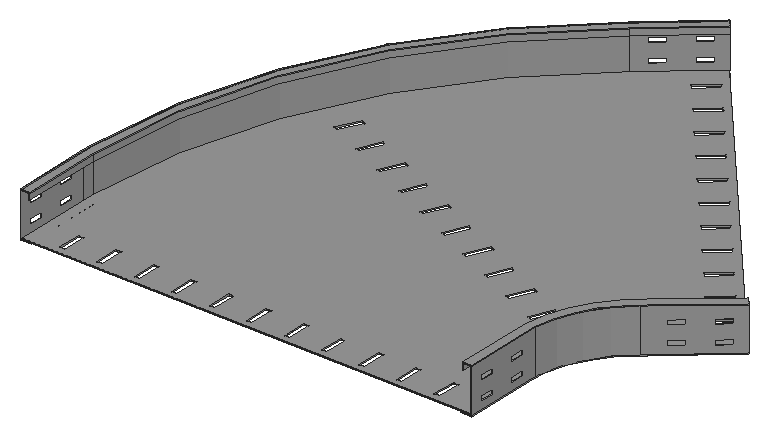
Revit family "Bogen 45 RB 45 660 FT", category Generic Models, Revit 2017
Family settings
  Can host rebar = No
  Round Connector Dimension = Use Diameter
  Part Type = Normal
  Work Plane-Based = No
  Always vertical = Yes
  Cut with Voids When Loaded = No
  Shared = No
  Room Calculation Point = No
Parameters (values of type "RB 45 660 FT")
  Width = 600 mm
  URL = "http://www.obo.bettermann.com"
  Material = Hot dip galvanised
  Manufacturer Art.No. = "7066600"
  Manufacturer = "OBO BETTERMANN"
  GTIN = "4012196224951"
  Cut's number 2 = 11
  Cut's number = 2
  Article Type = "RB 45 660 FT"
Reference planes
  plane 1 "Center (Front/Back)": y = 0
  plane 2: z = 0
  plane 3 "Center (Left/Right)": x = 0
  plane 4: z = 1.25
  plane 5: z = 59.25
  plane 6: z = -1.25
  plane 7: z = 58
  plane 8: z = 50.25
  plane 9: z = -2.5
  plane 10: through (743.514, 283.719, 1200) normal (0.6501, -0.7598, 0)
  plane 11: z = 13.25
  plane 12: y = 25
  plane 13: z = 38.25
  plane 14: y = 25
  plane 15: z = 13.25
  plane 16: y = 75
  plane 17: z = 38.25
  plane 18: y = 75
  plane 19: through (986.257, 0, 1200) normal (-0.4182, -0.9084, 0)
  plane 20: through (351.771, 741.591, 1200) normal (0.7598, 0.6501, 0)
  plane 21: z = 38.25
  plane 22: through (3100.631, -2508.911, 52.79) normal (0.7597, 0.6502, 0)
  plane 23: z = 38.25
  plane 24: through (3062.644, -2541.422, 52.79) normal (0.7597, 0.6502, 0)
  plane 25: z = 13.25
  plane 26: through (3100.631, -2508.911, 27.79) normal (0.7597, 0.6502, 0)
  plane 27: z = 13.25
  plane 28: through (3062.644, -2541.422, 27.79) normal (0.7597, 0.6502, 0)
  plane 29: z = 13.25
  plane 30: y = 25
  plane 31: z = 38.25
  plane 32: y = 25
  plane 33: z = 13.25
  plane 34: y = 75
  plane 35: z = 38.25
  plane 36: y = 75
  plane 37: z = 13.25
  plane 38: through (3100.631, -2508.911, 22.191) normal (0.7597, 0.6502, 0)
  plane 39: z = 38.25
  plane 40: through (3100.631, -2508.911, 47.191) normal (0.7597, 0.6502, 0)
  plane 41: z = 13.25
  plane 42: through (3062.644, -2541.422, 22.191) normal (0.7597, 0.6502, 0)
  plane 43: z = 38.25
  plane 44: through (3062.644, -2541.422, 47.191) normal (0.7597, 0.6502, 0)
  plane 45: y = 25
  plane 46: x = 47.5
  plane 47: y = 25
  plane 48: x = 97.5
  plane 49: y = 25
  plane 50: x = 147.5
  plane 51: y = 25
  plane 52: x = 197.5
  plane 53: y = 25
  plane 54: x = 247.5
  plane 55: y = 25
  plane 56: x = 297.5
  plane 57: y = 25
  plane 58: x = 347.5
  plane 59: y = 25
  plane 60: x = 397.5
  plane 61: y = 25
  plane 62: x = 447.5
  plane 63: y = 25
  plane 64: x = 497.5
  plane 65: y = 25
  plane 66: x = 547.5
  plane 67: through (638.117, 368.324, 1200) normal (0.7597, 0.6502, 0)
  plane 68: through (649.321, 289.141, 1200) normal (-0.6502, 0.7597, 0)
  plane 69: through (313.002, 748.193, 1200) normal (0.7597, 0.6502, 0)
  plane 70: through (324.206, 669.01, 1200) normal (-0.6502, 0.7597, 0)
  plane 71: through (345.514, 710.206, 1200) normal (0.7597, 0.6502, 0)
  plane 72: through (356.718, 631.023, 1200) normal (-0.6502, 0.7597, 0)
  plane 73: through (378.025, 672.219, 1200) normal (0.7597, 0.6502, 0)
  plane 74: through (389.229, 593.036, 1200) normal (-0.6502, 0.7597, 0)
  plane 75: through (410.537, 634.232, 1200) normal (0.7597, 0.6502, 0)
  plane 76: through (421.741, 555.049, 1200) normal (-0.6502, 0.7597, 0)
  plane 77: through (443.048, 596.245, 1200) normal (0.7597, 0.6502, 0)
  plane 78: through (454.252, 517.062, 1200) normal (-0.6502, 0.7597, 0)
  plane 79: through (475.56, 558.258, 1200) normal (0.7597, 0.6502, 0)
  plane 80: through (486.764, 479.075, 1200) normal (-0.6502, 0.7597, 0)
  plane 81: through (540.583, 482.285, 1200) normal (0.7597, 0.6502, 0)
  plane 82: through (551.786, 403.102, 1200) normal (-0.6502, 0.7597, 0)
  plane 83: through (573.094, 444.298, 1200) normal (0.7597, 0.6502, 0)
  plane 84: through (584.298, 365.115, 1200) normal (-0.6502, 0.7597, 0)
  plane 85: through (605.606, 406.311, 1200) normal (0.7597, 0.6502, 0)
  plane 86: through (616.809, 327.128, 1200) normal (-0.6502, 0.7597, 0)
  plane 87: through (508.071, 520.271, 1200) normal (0.7597, 0.6502, 0)
  plane 88: through (519.275, 441.089, 1200) normal (-0.6502, 0.7597, 0)
  plane 89: through (79.759, 431.22, 1200) normal (0.9084, -0.4182, 0)
  plane 90: through (73.864, 418.752, 1200) normal (0.9848, -0.1737, 0)
  plane 91: through (619.845, 168.69, 1200) normal (0.9932, -0.1168, 0)
  plane 92: through (39.331, 222.978, 1200) normal (0.2419, 0.9703, 0)
  plane 93: through (125.177, 410.311, 1200) normal (0.9084, -0.4182, 0)
  plane 94: through (170.595, 389.401, 1200) normal (0.9084, -0.4182, 0)
  plane 95: through (216.013, 368.491, 1200) normal (0.9084, -0.4182, 0)
  plane 96: through (261.431, 347.582, 1200) normal (0.9084, -0.4182, 0)
  plane 97: through (306.849, 326.672, 1200) normal (0.9084, -0.4182, 0)
  plane 98: through (352.267, 305.763, 1200) normal (0.9084, -0.4182, 0)
  plane 99: through (397.685, 284.853, 1200) normal (0.9084, -0.4182, 0)
  plane 100: through (443.103, 263.943, 1200) normal (0.9084, -0.4182, 0)
  plane 101: through (488.521, 243.034, 1200) normal (0.9084, -0.4182, 0)
  plane 102: through (533.939, 222.124, 1200) normal (0.9084, -0.4182, 0)
Forms (mm)
  Extrusion 1, solid, material "Hot dip galvanised" <- "Material"
    sketch origin (0, 0, 0) x (1, 0, 0) y (0, 1, 0)
      loop
        line (0, 0) -> (600, 0) -> (600, 105)
        arc (600, 105) -> (617.228, 163.992) -> (656.666, 211.125) r 150
        line (656.666, 211.125) -> (742.669, 284.707) -> (352.616, 740.603) -> (272.832, 672.342)
        arc (272.832, 672.342) -> (76.971, 425.218) -> (0, 119.429) r 750
        line (0, 119.429) -> (0, 105) -> (0, 0)
    from 0 to 1.25
  Extrusion 2, solid, material "Hot dip galvanised" <- "Material"
    sketch origin (0, 0, 0) x (1, 0, 0) y (0, 1, 0)
      loop
        line (352.693, 740.669) -> (351.771, 741.591) -> (271.996, 673.338)
        arc (271.996, 673.338) -> (75.798, 425.778) -> (-1.3, 119.451) r 751.3
        line (-1.3, 119.451) -> (-1.3, 105) -> (-1.3, 0) -> (0, 0) -> (0, 105) -> (0, 119.429)
        arc (0, 119.429) -> (76.971, 425.218) -> (272.832, 672.342) r 750
        line (272.832, 672.342) -> (352.693, 740.669)
    from 0 to 59.25
  Extrusion 3, solid, material "Hot dip galvanised" <- "Material"
    sketch origin (0, 0, 0) x (1, 0, 0) y (0, 1, 0)
      loop
        line (351.771, 741.591) -> (271.987, 673.33)
        arc (271.987, 673.33) -> (72.511, 419.378) -> (-1.3, 105) r 747.875
        line (-1.3, 105) -> (-1.3, 0) -> (13.7, 0) -> (13.7, 104.902)
        arc (13.7, 104.902) -> (86.084, 412.99) -> (281.622, 661.832) r 732.875
        line (281.622, 661.832) -> (361.522, 730.193) -> (351.771, 741.591)
    from -1.25 to 0
  Extrusion 4, solid, material "Hot dip galvanised" <- "Material"
    sketch origin (0, 0, 0) x (1, 0, 0) y (0, 1, 0)
      loop
        line (352.616, 740.603) -> (272.832, 672.342)
        arc (272.832, 672.342) -> (73.864, 418.752) -> (0, 105) r 748.431
        line (0, 105) -> (0, 0) -> (11.3, 0) -> (11.3, 104.92)
        arc (11.3, 104.92) -> (84.088, 413.94) -> (280.095, 663.685) r 737.131
        line (280.095, 663.685) -> (359.962, 732.017) -> (352.616, 740.603)
    from 58 to 59.25
  Extrusion 5, solid, material "Hot dip galvanised" <- "Material"
    sketch origin (0, 0, 0) x (1, 0, 0) y (0, 1, 0)
      loop
        line (11.3, 0) -> (11.3, 104.92)
        arc (11.3, 104.92) -> (84.088, 413.94) -> (280.095, 663.685) r 737.131
        line (280.095, 663.685) -> (359.956, 732.012) -> (359.111, 733) -> (279.26, 664.681)
        arc (279.26, 664.681) -> (82.912, 414.493) -> (10, 104.929) r 738.431
        line (10, 104.929) -> (10, 0) -> (11.3, 0)
    from 50.25 to 58
  Extrusion 6, solid, material "Hot dip galvanised" <- "Material"
    sketch origin (0, 0, 0) x (1, 0, 0) y (0, 1, 0)
      loop
        line (742.669, 284.707) -> (656.666, 211.125)
        arc (656.666, 211.125) -> (617.228, 163.992) -> (600, 105) r 150
        line (600, 105) -> (600, 0) -> (601.3, 0) -> (601.3, 104.949)
        arc (601.3, 104.949) -> (618.392, 163.414) -> (657.492, 210.12) r 148.7
        line (657.492, 210.12) -> (743.514, 283.719) -> (742.669, 284.707)
    from 0 to 58
  Extrusion 7, solid, material "Hot dip galvanised" <- "Material"
    sketch origin (0, 0, 0) x (1, 0, 0) y (0, 1, 0)
      loop
        line (743.514, 283.719) -> (733.763, 295.117) -> (654.03, 226.899) -> (644.232, 218.666)
        arc (644.232, 218.666) -> (626.324, 201.211) -> (611.174, 181.315) r 169.764
        arc (611.174, 181.315) -> (597.081, 153.059) -> (588.63, 122.635) r 165
        arc (588.63, 122.635) -> (586.884, 111.377) -> (586.3, 100) r 111.134
        line (586.3, 100) -> (586.3, 0) -> (601.3, 0) -> (601.3, 100)
        arc (601.3, 100) -> (601.817, 109.952) -> (603.361, 119.798) r 96.134
        arc (603.361, 119.798) -> (611.018, 147.508) -> (623.821, 173.249) r 150
        arc (623.821, 173.249) -> (637.602, 191.322) -> (653.882, 207.182) r 154.764
        line (653.882, 207.182) -> (663.731, 215.458) -> (743.514, 283.719)
    from 0 to -1.25
  Extrusion 8, solid, material "Hot dip galvanised" <- "Material"
    sketch origin (0, 0, 0) x (1, 0, 0) y (0, 1, 0)
      loop
        line (743.514, 283.719) -> (735.388, 293.217) -> (655.992, 225.287)
        arc (655.992, 225.287) -> (609.25, 172.741) -> (588.8, 105.454) r 164.085
        line (588.8, 105.454) -> (588.8, 0) -> (601.3, 0) -> (601.3, 104.949)
        arc (601.3, 104.949) -> (620.392, 167.053) -> (663.731, 215.458) r 151.585
        line (663.731, 215.458) -> (743.514, 283.719)
    from 58 to 59.25
  Extrusion 9, solid, material "Hot dip galvanised" <- "Material"
    sketch origin (0, 0, 0) x (1, 0, 0) y (0, 1, 0)
      loop
        line (735.388, 293.217) -> (655.992, 225.287)
        arc (655.992, 225.287) -> (609.25, 172.741) -> (588.8, 105.454) r 164.085
        line (588.8, 105.454) -> (588.8, 0) -> (590.1, 0) -> (590.1, 105.402)
        arc (590.1, 105.402) -> (610.409, 172.151) -> (656.797, 224.266) r 162.785
        line (656.797, 224.266) -> (736.233, 292.229) -> (735.388, 293.217)
    from 50.25 to 58
  Extrusion 10, void
    sketch origin (0, 0, 0) x (0, 1, 0) y (0, 0, 1)
      loop
        line (15, 16.75) -> (15, 9.75) -> (35, 9.75) -> (35, 16.75) -> (15, 16.75)
    from 0 to -1.3
  Extrusion 11, void
    sketch origin (0, 0, 25) x (0, 1, 0) y (0, 0, 1)
      loop
        line (15, 16.75) -> (15, 9.75) -> (35, 9.75) -> (35, 16.75) -> (15, 16.75)
    from 0 to -1.3
  Extrusion 12, void
    sketch origin (0, 50, 0) x (0, 1, 0) y (0, 0, 1)
      loop
        line (15, 16.75) -> (15, 9.75) -> (35, 9.75) -> (35, 16.75) -> (15, 16.75)
    from 0 to -1.3
  Extrusion 13, void
    sketch origin (0, 50, 25) x (0, 1, 0) y (0, 0, 1)
      loop
        line (15, 16.75) -> (15, 9.75) -> (35, 9.75) -> (35, 16.75) -> (15, 16.75)
    from 0 to -1.3
  Extrusion 14, void
    sketch origin (344.963, 749.297, 25) x (-0.759737, -0.65023, 0) y (0, 0, -1)
      loop
        line (15, -16.75) -> (35, -16.75) -> (35, -9.75) -> (15, -9.75) -> (15, -16.75)
    from 11.577 to 10.277
  Extrusion 15, void
    sketch origin (306.976, 716.785, 25) x (-0.759737, -0.65023, 0) y (0, 0, -1)
      loop
        line (15, -16.75) -> (35, -16.75) -> (35, -9.75) -> (15, -9.75) -> (15, -16.75)
    from 11.568 to 10.268
  Extrusion 16, void
    sketch origin (344.963, 749.297, 0) x (-0.759737, -0.65023, 0) y (0, 0, -1)
      loop
        line (15, -16.75) -> (35, -16.75) -> (35, -9.75) -> (15, -9.75) -> (15, -16.75)
    from 11.577 to 10.277
  Extrusion 17, void
    sketch origin (306.976, 716.785, 0) x (-0.759737, -0.65023, 0) y (0, 0, -1)
      loop
        line (15, -16.75) -> (35, -16.75) -> (35, -9.75) -> (15, -9.75) -> (15, -16.75)
    from 11.568 to 10.268
  Extrusion 18, void
    sketch origin (0, 0, 0) x (0, 1, 0) y (0, 0, 1)
      loop
        line (15, 16.75) -> (15, 9.75) -> (35, 9.75) -> (35, 16.75) -> (15, 16.75)
    from 600 to 601.3
  Extrusion 19, void
    sketch origin (0, 0, 25) x (0, 1, 0) y (0, 0, 1)
      loop
        line (15, 16.75) -> (15, 9.75) -> (35, 9.75) -> (35, 16.75) -> (15, 16.75)
    from 600 to 601.3
  Extrusion 20, void
    sketch origin (0, 50, 0) x (0, 1, 0) y (0, 0, 1)
      loop
        line (15, 16.75) -> (15, 9.75) -> (35, 9.75) -> (35, 16.75) -> (15, 16.75)
    from 600 to 601.3
  Extrusion 21, void
    sketch origin (0, 50, 25) x (0, 1, 0) y (0, 0, 1)
      loop
        line (15, 16.75) -> (15, 9.75) -> (35, 9.75) -> (35, 16.75) -> (15, 16.75)
    from 600 to 601.3
  Extrusion 22, void
    sketch origin (344.963, 749.297, 0) x (-0.759737, -0.65023, 0) y (0, 0, -1)
      loop
        line (15, -16.75) -> (35, -16.75) -> (35, -9.75) -> (15, -9.75) -> (15, -16.75)
    from 611.563 to 612.863
  Extrusion 23, void
    sketch origin (344.963, 749.297, 25) x (-0.759737, -0.65023, 0) y (0, 0, -1)
      loop
        line (15, -16.75) -> (35, -16.75) -> (35, -9.75) -> (15, -9.75) -> (15, -16.75)
    from 611.563 to 612.863
  Extrusion 24, void
    sketch origin (306.976, 716.785, 0) x (-0.759737, -0.65023, 0) y (0, 0, -1)
      loop
        line (15, -16.75) -> (35, -16.75) -> (35, -9.75) -> (15, -9.75) -> (15, -16.75)
    from 611.554 to 612.854
  Extrusion 25, void
    sketch origin (306.976, 716.785, 25) x (-0.759737, -0.65023, 0) y (0, 0, -1)
      loop
        line (15, -16.75) -> (35, -16.75) -> (35, -9.75) -> (15, -9.75) -> (15, -16.75)
    from 611.554 to 612.854
  Extrusion 26, void
    sketch origin (0, 0, 0) x (1, 0, 0) y (0, 1, 0)
      loop
        line (44, 41) -> (44, 9) -> (51, 9) -> (51, 41) -> (44, 41)
    from -1.25 to 1.25
  Extrusion 27, void
    sketch origin (50, 0, 0) x (1, 0, 0) y (0, 1, 0)
      loop
        line (44, 41) -> (44, 9) -> (51, 9) -> (51, 41) -> (44, 41)
    from -1.25 to 1.25
  Extrusion 28, void
    sketch origin (100, 0, 0) x (1, 0, 0) y (0, 1, 0)
      loop
        line (44, 41) -> (44, 9) -> (51, 9) -> (51, 41) -> (44, 41)
    from -1.25 to 1.25
  Extrusion 29, void
    sketch origin (150, 0, 0) x (1, 0, 0) y (0, 1, 0)
      loop
        line (44, 41) -> (44, 9) -> (51, 9) -> (51, 41) -> (44, 41)
    from -1.25 to 1.25
  Extrusion 30, void
    sketch origin (200, 0, 0) x (1, 0, 0) y (0, 1, 0)
      loop
        line (44, 41) -> (44, 9) -> (51, 9) -> (51, 41) -> (44, 41)
    from -1.25 to 1.25
  Extrusion 31, void
    sketch origin (250, 0, 0) x (1, 0, 0) y (0, 1, 0)
      loop
        line (44, 41) -> (44, 9) -> (51, 9) -> (51, 41) -> (44, 41)
    from -1.25 to 1.25
  Extrusion 32, void
    sketch origin (300, 0, 0) x (1, 0, 0) y (0, 1, 0)
      loop
        line (44, 41) -> (44, 9) -> (51, 9) -> (51, 41) -> (44, 41)
    from -1.25 to 1.25
  Extrusion 33, void
    sketch origin (350, 0, 0) x (1, 0, 0) y (0, 1, 0)
      loop
        line (44, 41) -> (44, 9) -> (51, 9) -> (51, 41) -> (44, 41)
    from -1.25 to 1.25
  Extrusion 34, void
    sketch origin (400, 0, 0) x (1, 0, 0) y (0, 1, 0)
      loop
        line (44, 41) -> (44, 9) -> (51, 9) -> (51, 41) -> (44, 41)
    from -1.25 to 1.25
  Extrusion 35, void
    sketch origin (450, 0, 0) x (1, 0, 0) y (0, 1, 0)
      loop
        line (44, 41) -> (44, 9) -> (51, 9) -> (51, 41) -> (44, 41)
    from -1.25 to 1.25
  Extrusion 36, void
    sketch origin (500, 0, 0) x (1, 0, 0) y (0, 1, 0)
      loop
        line (44, 41) -> (44, 9) -> (51, 9) -> (51, 41) -> (44, 41)
    from -1.25 to 1.25
  Extrusion 37, void
    sketch origin (670.078, 369.428, 0) x (0.65023, -0.759737, 0) y (0.759737, 0.65023, 0)
      loop
        line (44, -41) -> (51, -41) -> (51, -9) -> (44, -9) -> (44, -41)
    from -1.25 to 1.25
  Extrusion 38, void
    sketch origin (344.963, 749.297, 0) x (0.65023, -0.759737, 0) y (0.759737, 0.65023, 0)
      loop
        line (44, -41) -> (51, -41) -> (51, -9) -> (44, -9) -> (44, -41)
    from -1.25 to 1.25
  Extrusion 39, void
    sketch origin (377.475, 711.31, 0) x (0.65023, -0.759737, 0) y (0.759737, 0.65023, 0)
      loop
        line (44, -41) -> (51, -41) -> (51, -9) -> (44, -9) -> (44, -41)
    from -1.25 to 1.25
  Extrusion 40, void
    sketch origin (409.986, 673.323, 0) x (0.65023, -0.759737, 0) y (0.759737, 0.65023, 0)
      loop
        line (44, -41) -> (51, -41) -> (51, -9) -> (44, -9) -> (44, -41)
    from -1.25 to 1.25
  Extrusion 41, void
    sketch origin (442.498, 635.336, 0) x (0.65023, -0.759737, 0) y (0.759737, 0.65023, 0)
      loop
        line (44, -41) -> (51, -41) -> (51, -9) -> (44, -9) -> (44, -41)
    from -1.25 to 1.25
  Extrusion 42, void
    sketch origin (475.009, 597.349, 0) x (0.65023, -0.759737, 0) y (0.759737, 0.65023, 0)
      loop
        line (44, -41) -> (51, -41) -> (51, -9) -> (44, -9) -> (44, -41)
    from -1.25 to 1.25
  Extrusion 43, void
    sketch origin (507.521, 559.362, 0) x (0.65023, -0.759737, 0) y (0.759737, 0.65023, 0)
      loop
        line (44, -41) -> (51, -41) -> (51, -9) -> (44, -9) -> (44, -41)
    from -1.25 to 1.25
  Extrusion 44, void
    sketch origin (572.544, 483.389, 0) x (0.65023, -0.759737, 0) y (0.759737, 0.65023, 0)
      loop
        line (44, -41) -> (51, -41) -> (51, -9) -> (44, -9) -> (44, -41)
    from -1.25 to 1.25
  Extrusion 45, void
    sketch origin (605.055, 445.402, 0) x (0.65023, -0.759737, 0) y (0.759737, 0.65023, 0)
      loop
        line (44, -41) -> (51, -41) -> (51, -9) -> (44, -9) -> (44, -41)
    from -1.25 to 1.25
  Extrusion 46, void
    sketch origin (637.567, 407.415, 0) x (0.65023, -0.759737, 0) y (0.759737, 0.65023, 0)
      loop
        line (44, -41) -> (51, -41) -> (51, -9) -> (44, -9) -> (44, -41)
    from -1.25 to 1.25
  Extrusion 47, void
    sketch origin (540.032, 521.375, 0) x (0.65023, -0.759737, 0) y (0.759737, 0.65023, 0)
      loop
        line (44, -41) -> (51, -41) -> (51, -9) -> (44, -9) -> (44, -41)
    from -1.25 to 1.25
  Extrusion 48, void
    sketch origin (0, 0, 0) x (1, 0, 0) y (0, 1, 0)
      loop
        line (121.191, 415.999) -> (107.809, 386.932) -> (114.167, 384.004) -> (127.549, 413.072) -> (121.191, 415.999)
    from -1.25 to 1.25
  Extrusion 49, void
    sketch origin (45.418, -20.91, 0) x (1, 0, 0) y (0, 1, 0)
      loop
        line (121.191, 415.999) -> (107.809, 386.932) -> (114.167, 384.004) -> (127.549, 413.072) -> (121.191, 415.999)
    from -1.25 to 1.25
  Extrusion 50, void
    sketch origin (90.836, -41.819, 0) x (1, 0, 0) y (0, 1, 0)
      loop
        line (121.191, 415.999) -> (107.809, 386.932) -> (114.167, 384.004) -> (127.549, 413.072) -> (121.191, 415.999)
    from -1.25 to 1.25
  Extrusion 51, void
    sketch origin (136.254, -62.729, 0) x (1, 0, 0) y (0, 1, 0)
      loop
        line (121.191, 415.999) -> (107.809, 386.932) -> (114.167, 384.004) -> (127.549, 413.072) -> (121.191, 415.999)
    from -1.25 to 1.25
  Extrusion 52, void
    sketch origin (181.672, -83.639, 0) x (1, 0, 0) y (0, 1, 0)
      loop
        line (121.191, 415.999) -> (107.809, 386.932) -> (114.167, 384.004) -> (127.549, 413.072) -> (121.191, 415.999)
    from -1.25 to 1.25
  Extrusion 53, void
    sketch origin (227.09, -104.548, 0) x (1, 0, 0) y (0, 1, 0)
      loop
        line (121.191, 415.999) -> (107.809, 386.932) -> (114.167, 384.004) -> (127.549, 413.072) -> (121.191, 415.999)
    from -1.25 to 1.25
  Extrusion 54, void
    sketch origin (272.508, -125.458, 0) x (1, 0, 0) y (0, 1, 0)
      loop
        line (121.191, 415.999) -> (107.809, 386.932) -> (114.167, 384.004) -> (127.549, 413.072) -> (121.191, 415.999)
    from -1.25 to 1.25
  Extrusion 55, void
    sketch origin (317.925, -146.367, 0) x (1, 0, 0) y (0, 1, 0)
      loop
        line (121.191, 415.999) -> (107.809, 386.932) -> (114.167, 384.004) -> (127.549, 413.072) -> (121.191, 415.999)
    from -1.25 to 1.25
  Extrusion 56, void
    sketch origin (363.343, -167.277, 0) x (1, 0, 0) y (0, 1, 0)
      loop
        line (121.191, 415.999) -> (107.809, 386.932) -> (114.167, 384.004) -> (127.549, 413.072) -> (121.191, 415.999)
    from -1.25 to 1.25
  Extrusion 57, void
    sketch origin (408.761, -188.187, 0) x (1, 0, 0) y (0, 1, 0)
      loop
        line (121.191, 415.999) -> (107.809, 386.932) -> (114.167, 384.004) -> (127.549, 413.072) -> (121.191, 415.999)
    from -1.25 to 1.25
  Extrusion 58, void
    sketch origin (454.179, -209.096, 0) x (1, 0, 0) y (0, 1, 0)
      loop
        line (121.191, 415.999) -> (107.809, 386.932) -> (114.167, 384.004) -> (127.549, 413.072) -> (121.191, 415.999)
    from -1.25 to 1.25
Cuts and joins
  Extrusion 10, Extrusion 11, Extrusion 12, Extrusion 13, Extrusion 14, Extrusion 15, Extrusion 16, Extrusion 17 cuts Extrusion 2
  Extrusion 18, Extrusion 19, Extrusion 20, Extrusion 21, Extrusion 22, Extrusion 23, Extrusion 24, Extrusion 25 cuts Extrusion 6
  Extrusion 26, Extrusion 27, Extrusion 28, Extrusion 29, Extrusion 30, Extrusion 31, Extrusion 32, Extrusion 33, Extrusion 34, Extrusion 35, Extrusion 36, Extrusion 37, Extrusion 38, Extrusion 39, Extrusion 40, Extrusion 41, Extrusion 42, Extrusion 43, Extrusion 44, Extrusion 45, Extrusion 46, Extrusion 47, Extrusion 48, Extrusion 49, Extrusion 50, Extrusion 51, Extrusion 52, Extrusion 53, Extrusion 54, Extrusion 55, Extrusion 56, Extrusion 57, Extrusion 58 cuts Extrusion 1
Dimensions and locks
  locked: Extrusion 1 sketch curve to Extrusion 1 sketch curve at 600
  locked: Extrusion 1 sketch curve to Extrusion 1 sketch curve at 105  (x3)
  locked: Extrusion 1 sketch curve to Extrusion 1 sketch curve at 599.986
  Extrusion 1 sketch curve to Extrusion 1 sketch curve = 318.453 mm
  Extrusion 1 sketch curve to Extrusion 1 sketch curve = 820.263 mm
  locked: Extrusion 2 sketch curve to Extrusion 1 at 1.3  (x2)
  locked: Extrusion 2 sketch curve to Extrusion 2 sketch curve at 820.792
  locked: plane 5 to level at 59.25
  locked: Extrusion 2 to Extrusion 3 sketch curve at 15  (x2)
  locked: Extrusion 3 sketch curve to Extrusion 3 sketch curve at 808.803
  locked: Extrusion 3 to Extrusion 2 at 60.5
  locked: Extrusion 2 to Extrusion 4 sketch curve at 11.3
  locked: Extrusion 4 sketch curve to Extrusion 2 at 11.3
  locked: Extrusion 4 sketch curve to Extrusion 4 sketch curve at 810.811
  locked: Extrusion 4 sketch curve to Extrusion 4 sketch curve at 820.263
  locked: Extrusion 5 sketch curve to Extrusion 4 at 1.3
  locked: Extrusion 4 to Extrusion 5 sketch curve at 1.3
  locked: Extrusion 5 sketch curve to Extrusion 5 sketch curve at 811.891
  Extrusion 5 sketch curve to Extrusion 1 = 590 mm
  locked: Extrusion 4 to plane 8 at 9
  locked: Extrusion 6 sketch curve to Extrusion 1 at 1.3
  locked: Extrusion 1 to Extrusion 6 sketch curve at 1.3
  locked: Extrusion 6 sketch curve to Extrusion 6 sketch curve at 318.453
  locked: Extrusion 6 sketch curve to Extrusion 6 sketch curve at 317.366
  locked: Extrusion 7 sketch curve to Extrusion 6 at 15  (x2)
  locked: Extrusion 7 sketch curve to Extrusion 7 sketch curve at 317.366
  locked: Extrusion 7 sketch curve to Extrusion 7 sketch curve at 329.908
  locked: Extrusion 8 sketch curve to Extrusion 6 at 12.5
  locked: Extrusion 6 to Extrusion 8 sketch curve at 12.5
  locked: Extrusion 8 sketch curve to Extrusion 8 sketch curve at 317.366
  locked: Extrusion 8 sketch curve to Extrusion 8 sketch curve at 327.818
  locked: Extrusion 8 to Extrusion 9 sketch curve at 1.3  (x2)
  locked: Extrusion 10 sketch curve to Extrusion 10 sketch curve at 7
  locked: plane 11 to Extrusion 10 sketch curve at 3.5
  locked: Extrusion 10 sketch curve to Extrusion 10 sketch curve at 20
  Extrusion 10 sketch curve to plane 12 = 10 mm
  locked: Extrusion 11 sketch curve to Extrusion 11 sketch curve at 7
  locked: plane 13 to Extrusion 11 sketch curve at 3.5
  locked: Extrusion 11 sketch curve to Extrusion 11 sketch curve at 20
  Extrusion 11 sketch curve to plane 14 = 10 mm
  locked: Extrusion 12 sketch curve to Extrusion 12 sketch curve at 7
  locked: plane 15 to Extrusion 12 sketch curve at 3.5
  locked: Extrusion 12 sketch curve to Extrusion 12 sketch curve at 20
  Extrusion 12 sketch curve to plane 16 = 10 mm
  locked: Extrusion 13 sketch curve to Extrusion 13 sketch curve at 7
  locked: plane 17 to Extrusion 13 sketch curve at 3.5
  locked: Extrusion 13 sketch curve to Extrusion 13 sketch curve at 20
  Extrusion 13 sketch curve to plane 18 = 10 mm
  locked: Extrusion 14 sketch curve to Extrusion 14 sketch curve at 7
  locked: Extrusion 14 sketch curve to plane 21 at 3.5
  locked: Extrusion 14 sketch curve to Extrusion 14 sketch curve at 20
  Extrusion 14 sketch curve to plane 22 = 10 mm
  locked: Extrusion 15 sketch curve to Extrusion 15 sketch curve at 7
  locked: Extrusion 15 sketch curve to plane 23 at 3.5
  locked: Extrusion 15 sketch curve to Extrusion 15 sketch curve at 20
  Extrusion 15 sketch curve to plane 24 = 10 mm
  locked: Extrusion 16 sketch curve to Extrusion 16 sketch curve at 7
  locked: Extrusion 16 sketch curve to plane 25 at 3.5
  locked: Extrusion 16 sketch curve to Extrusion 16 sketch curve at 20
  Extrusion 16 sketch curve to plane 26 = 10 mm
  group 1 to group 2 = 0 mm  (x2)
  group 2 to group 1 = 25 mm
  locked: Extrusion 17 sketch curve to Extrusion 17 sketch curve at 7
  locked: Extrusion 17 sketch curve to plane 27 at 3.5
  locked: Extrusion 17 sketch curve to Extrusion 17 sketch curve at 20
  Extrusion 17 sketch curve to plane 28 = 10 mm
  group 3 to group 4 = 0 mm  (x2)
  group 4 to group 3 = 25 mm
  locked: Extrusion 18 sketch curve to Extrusion 18 sketch curve at 20
  locked: Extrusion 18 sketch curve to plane 30 at 10
  locked: Extrusion 18 sketch curve to Extrusion 18 sketch curve at 7
  locked: plane 29 to Extrusion 18 sketch curve at 3.5
  locked: Extrusion 19 sketch curve to Extrusion 19 sketch curve at 20
  locked: Extrusion 19 sketch curve to plane 32 at 10
  locked: Extrusion 19 sketch curve to Extrusion 19 sketch curve at 7
  locked: plane 31 to Extrusion 19 sketch curve at 3.5
  locked: Extrusion 20 sketch curve to Extrusion 20 sketch curve at 20
  locked: Extrusion 20 sketch curve to plane 34 at 10
  locked: Extrusion 20 sketch curve to Extrusion 20 sketch curve at 7
  locked: plane 33 to Extrusion 20 sketch curve at 3.5
  locked: Extrusion 21 sketch curve to Extrusion 21 sketch curve at 20
  locked: Extrusion 21 sketch curve to plane 36 at 10
  locked: Extrusion 21 sketch curve to Extrusion 21 sketch curve at 7
  locked: plane 35 to Extrusion 21 sketch curve at 3.5
  locked: Extrusion 22 sketch curve to Extrusion 22 sketch curve at 20
  locked: Extrusion 22 sketch curve to plane 38 at 10
  locked: Extrusion 22 sketch curve to Extrusion 22 sketch curve at 7
  locked: Extrusion 22 sketch curve to plane 37 at 3.5
  locked: Extrusion 23 sketch curve to Extrusion 23 sketch curve at 20
  locked: Extrusion 23 sketch curve to plane 40 at 10
  locked: Extrusion 23 sketch curve to Extrusion 23 sketch curve at 7
  locked: Extrusion 23 sketch curve to plane 39 at 3.5
  locked: Extrusion 24 sketch curve to Extrusion 24 sketch curve at 20
  locked: Extrusion 24 sketch curve to plane 42 at 10
  locked: Extrusion 24 sketch curve to Extrusion 24 sketch curve at 7
  locked: Extrusion 24 sketch curve to plane 41 at 3.5
  locked: Extrusion 25 sketch curve to Extrusion 25 sketch curve at 20
  locked: Extrusion 25 sketch curve to plane 44 at 10
  locked: Extrusion 25 sketch curve to Extrusion 25 sketch curve at 7
  locked: Extrusion 25 sketch curve to plane 43 at 3.5
  locked: Extrusion 26 sketch curve to Extrusion 26 sketch curve at 7
  locked: plane 46 to Extrusion 26 sketch curve at 3.5
  locked: Extrusion 26 sketch curve to Extrusion 26 sketch curve at 32
  locked: plane 45 to Extrusion 26 sketch curve at 16
  locked: Extrusion 27 sketch curve to Extrusion 27 sketch curve at 7
  locked: plane 48 to Extrusion 27 sketch curve at 3.5
  locked: Extrusion 27 sketch curve to Extrusion 27 sketch curve at 32
  locked: plane 47 to Extrusion 27 sketch curve at 16
  locked: Extrusion 28 sketch curve to Extrusion 28 sketch curve at 7
  locked: plane 50 to Extrusion 28 sketch curve at 3.5
  locked: Extrusion 28 sketch curve to Extrusion 28 sketch curve at 32
  locked: plane 49 to Extrusion 28 sketch curve at 16
  locked: Extrusion 29 sketch curve to Extrusion 29 sketch curve at 7
  locked: plane 52 to Extrusion 29 sketch curve at 3.5
  locked: Extrusion 29 sketch curve to Extrusion 29 sketch curve at 32
  locked: plane 51 to Extrusion 29 sketch curve at 16
  locked: Extrusion 30 sketch curve to Extrusion 30 sketch curve at 7
  locked: plane 54 to Extrusion 30 sketch curve at 3.5
  locked: Extrusion 30 sketch curve to Extrusion 30 sketch curve at 32
  locked: plane 53 to Extrusion 30 sketch curve at 16
  locked: Extrusion 31 sketch curve to Extrusion 31 sketch curve at 7
  locked: plane 56 to Extrusion 31 sketch curve at 3.5
  locked: Extrusion 31 sketch curve to Extrusion 31 sketch curve at 32
  locked: plane 55 to Extrusion 31 sketch curve at 16
  locked: Extrusion 32 sketch curve to Extrusion 32 sketch curve at 7
  locked: plane 58 to Extrusion 32 sketch curve at 3.5
  locked: Extrusion 32 sketch curve to Extrusion 32 sketch curve at 32
  locked: plane 57 to Extrusion 32 sketch curve at 16
  locked: Extrusion 33 sketch curve to Extrusion 33 sketch curve at 7
  locked: plane 60 to Extrusion 33 sketch curve at 3.5
  locked: Extrusion 33 sketch curve to Extrusion 33 sketch curve at 32
  locked: plane 59 to Extrusion 33 sketch curve at 16
  locked: Extrusion 34 sketch curve to Extrusion 34 sketch curve at 7
  locked: plane 62 to Extrusion 34 sketch curve at 3.5
  locked: Extrusion 34 sketch curve to Extrusion 34 sketch curve at 32
  locked: plane 61 to Extrusion 34 sketch curve at 16
  locked: Extrusion 35 sketch curve to Extrusion 35 sketch curve at 7
  locked: plane 64 to Extrusion 35 sketch curve at 3.5
  locked: Extrusion 35 sketch curve to Extrusion 35 sketch curve at 32
  locked: plane 63 to Extrusion 35 sketch curve at 16
  locked: Extrusion 36 sketch curve to Extrusion 36 sketch curve at 7
  locked: plane 66 to Extrusion 36 sketch curve at 3.5
  locked: Extrusion 36 sketch curve to Extrusion 36 sketch curve at 32
  locked: plane 65 to Extrusion 36 sketch curve at 16
  locked: Extrusion 37 sketch curve to Extrusion 37 sketch curve at 7
  locked: plane 68 to Extrusion 37 sketch curve at 3.5
  locked: Extrusion 37 sketch curve to Extrusion 37 sketch curve at 32
  locked: plane 67 to Extrusion 37 sketch curve at 16
  locked: Extrusion 38 sketch curve to Extrusion 38 sketch curve at 7
  locked: plane 70 to Extrusion 38 sketch curve at 3.5
  locked: Extrusion 38 sketch curve to Extrusion 38 sketch curve at 32
  locked: Extrusion 38 sketch curve to plane 69 at 16
  locked: Extrusion 39 sketch curve to Extrusion 39 sketch curve at 7
  locked: plane 72 to Extrusion 39 sketch curve at 3.5
  locked: Extrusion 39 sketch curve to Extrusion 39 sketch curve at 32
  locked: Extrusion 39 sketch curve to plane 71 at 16
  locked: Extrusion 40 sketch curve to Extrusion 40 sketch curve at 7
  locked: plane 74 to Extrusion 40 sketch curve at 3.5
  locked: Extrusion 40 sketch curve to Extrusion 40 sketch curve at 32
  locked: Extrusion 40 sketch curve to plane 73 at 16
  locked: Extrusion 41 sketch curve to Extrusion 41 sketch curve at 7
  locked: plane 76 to Extrusion 41 sketch curve at 3.5
  locked: Extrusion 41 sketch curve to Extrusion 41 sketch curve at 32
  locked: Extrusion 41 sketch curve to plane 75 at 16
  locked: Extrusion 42 sketch curve to Extrusion 42 sketch curve at 7
  locked: plane 78 to Extrusion 42 sketch curve at 3.5
  locked: Extrusion 42 sketch curve to Extrusion 42 sketch curve at 32
  locked: Extrusion 42 sketch curve to plane 77 at 16
  locked: Extrusion 43 sketch curve to Extrusion 43 sketch curve at 7
  locked: plane 80 to Extrusion 43 sketch curve at 3.5
  locked: Extrusion 43 sketch curve to Extrusion 43 sketch curve at 32
  locked: Extrusion 43 sketch curve to plane 79 at 16
  locked: Extrusion 44 sketch curve to Extrusion 44 sketch curve at 7
  locked: plane 82 to Extrusion 44 sketch curve at 3.5
  locked: Extrusion 44 sketch curve to Extrusion 44 sketch curve at 32
  locked: Extrusion 44 sketch curve to plane 81 at 16
  locked: Extrusion 45 sketch curve to Extrusion 45 sketch curve at 7
  locked: plane 84 to Extrusion 45 sketch curve at 3.5
  locked: Extrusion 45 sketch curve to Extrusion 45 sketch curve at 32
  locked: Extrusion 45 sketch curve to plane 83 at 16
  locked: Extrusion 46 sketch curve to Extrusion 46 sketch curve at 7
  locked: plane 86 to Extrusion 46 sketch curve at 3.5
  locked: Extrusion 46 sketch curve to Extrusion 46 sketch curve at 32
  locked: Extrusion 46 sketch curve to plane 85 at 16
  locked: Extrusion 47 sketch curve to Extrusion 47 sketch curve at 7
  locked: plane 88 to Extrusion 47 sketch curve at 3.5
  locked: Extrusion 47 sketch curve to Extrusion 47 sketch curve at 32
  locked: Extrusion 47 sketch curve to plane 87 at 16
  locked: Extrusion 48 sketch curve to Extrusion 48 sketch curve at 7
  locked: Extrusion 48 sketch curve to Extrusion 48 sketch curve at 32
  locked: Extrusion 49 sketch curve to Extrusion 49 sketch curve at 7
  locked: Extrusion 49 sketch curve to Extrusion 49 sketch curve at 32
  group 5 to group 6 = 45.418 mm
  group 6 to group 5 = 20.91 mm
  group 5 to group 6 = 0 mm
  locked: Extrusion 50 sketch curve to Extrusion 50 sketch curve at 7
  locked: Extrusion 50 sketch curve to Extrusion 50 sketch curve at 32
  locked: Extrusion 51 sketch curve to Extrusion 51 sketch curve at 7
  locked: Extrusion 51 sketch curve to Extrusion 51 sketch curve at 32
  locked: Extrusion 52 sketch curve to Extrusion 52 sketch curve at 7
  locked: Extrusion 52 sketch curve to Extrusion 52 sketch curve at 32
  locked: Extrusion 53 sketch curve to Extrusion 53 sketch curve at 7
  locked: Extrusion 53 sketch curve to Extrusion 53 sketch curve at 32
  locked: Extrusion 54 sketch curve to Extrusion 54 sketch curve at 7
  locked: Extrusion 54 sketch curve to Extrusion 54 sketch curve at 32
  locked: Extrusion 55 sketch curve to Extrusion 55 sketch curve at 7
  locked: Extrusion 55 sketch curve to Extrusion 55 sketch curve at 32
  locked: Extrusion 56 sketch curve to Extrusion 56 sketch curve at 7
  locked: Extrusion 56 sketch curve to Extrusion 56 sketch curve at 32
  locked: Extrusion 57 sketch curve to Extrusion 57 sketch curve at 7
  locked: Extrusion 57 sketch curve to Extrusion 57 sketch curve at 32
  locked: Extrusion 58 sketch curve to Extrusion 58 sketch curve at 7
  locked: Extrusion 58 sketch curve to Extrusion 58 sketch curve at 32
  group 14 to group 15 = 45.418 mm
  group 15 to group 14 = 20.91 mm
  group 14 to group 15 = 0 mm
  locked: plane 20 to plane 19 (angle 24.73°)
  locked: plane 19 to plane 1 "Center (Front/Back)" (angle 24.7205°)
  aligned and locked: level to plane 2
  aligned and locked: plane 3 "Center (Left/Right)" to Extrusion 1 sketch curve  (x3)
  aligned and locked: plane 1 "Center (Front/Back)" to Extrusion 1 sketch curve
  aligned and locked: plane 1 "Center (Front/Back)" to Extrusion 1
  aligned and locked: Extrusion 1 to plane 3 "Center (Left/Right)"
  aligned and locked: Extrusion 1 to plane 4
  aligned and locked: plane 3 "Center (Left/Right)" to Extrusion 2 sketch curve
  aligned and locked: plane 1 "Center (Front/Back)" to Extrusion 2 sketch curve
  aligned and locked: plane 1 "Center (Front/Back)" to Extrusion 2
  aligned and locked: Extrusion 2 to level
  aligned and locked: Extrusion 2 to plane 5
  aligned and locked: plane 1 "Center (Front/Back)" to Extrusion 3 sketch curve
  aligned and locked: Extrusion 1 to Extrusion 3
  aligned and locked: plane 1 "Center (Front/Back)" to Extrusion 3
  aligned and locked: Extrusion 3 to Extrusion 1
  aligned and locked: Extrusion 3 to plane 6
  aligned and locked: level to Extrusion 3
  aligned and locked: Extrusion 4 sketch curve to Extrusion 1
  aligned and locked: plane 1 "Center (Front/Back)" to Extrusion 4
  aligned and locked: Extrusion 1 to Extrusion 4
  aligned and locked: Extrusion 2 to Extrusion 4
  aligned and locked: Extrusion 4 to plane 7
  aligned and locked: plane 1 "Center (Front/Back)" to Extrusion 5 sketch curve
  aligned and locked: plane 1 "Center (Front/Back)" to Extrusion 5
  aligned and locked: Extrusion 5 to Extrusion 4
  aligned and locked: Extrusion 5 to plane 8
  aligned and locked: plane 1 "Center (Front/Back)" to Extrusion 6
  aligned and locked: Extrusion 6 to Extrusion 1
  aligned and locked: Extrusion 6 to level
  aligned and locked: Extrusion 6 to Extrusion 4
  aligned and locked: Extrusion 1 to Extrusion 7 sketch curve
  aligned and locked: Extrusion 7 to Extrusion 1  (x2)
  aligned and locked: plane 1 "Center (Front/Back)" to Extrusion 7
  aligned and locked: Extrusion 7 to Extrusion 3
  aligned and locked: Extrusion 8 sketch curve to Extrusion 7  (x2)
  aligned and locked: Extrusion 8 sketch curve to Extrusion 1
  aligned and locked: Extrusion 8 to Extrusion 1
  aligned and locked: plane 1 "Center (Front/Back)" to Extrusion 8
  aligned and locked: Extrusion 8 to Extrusion 6
  aligned and locked: Extrusion 9 sketch curve to Extrusion 8
  aligned and locked: Extrusion 1 to Extrusion 9
  aligned and locked: plane 1 "Center (Front/Back)" to Extrusion 9
  aligned and locked: Extrusion 5 to Extrusion 9
  aligned and locked: plane 3 "Center (Left/Right)" to Extrusion 10
  aligned and locked: Extrusion 2 to Extrusion 10
  aligned and locked: Extrusion 6 to Extrusion 18
  aligned and locked: Extrusion 18 to Extrusion 1
  aligned and locked: Extrusion 3 to Extrusion 26
  aligned and locked: Extrusion 1 to Extrusion 26
  aligned and locked: Extrusion 3 to Extrusion 48
Automatic sketch dimensions
  Extrusion 1 sketch curve to Extrusion 1 sketch curve = 0 mm  (x2)
  Extrusion 1 sketch curve to plane 20 = 0 mm
  Extrusion 1 sketch curve to plane 1 "Center (Front/Back)" = 211.125 mm
  Extrusion 1 sketch curve to plane 1 "Center (Front/Back)" = 93.34 mm
  Extrusion 2 sketch curve to Extrusion 2 sketch curve = 0 mm  (x3)
  Extrusion 2 sketch curve to Extrusion 2 sketch curve = 79.774 mm
  Extrusion 2 sketch curve to Extrusion 2 sketch curve = 0.836 mm
  Extrusion 2 sketch curve to Extrusion 2 sketch curve = 0.922 mm  (x2)
  Extrusion 2 sketch curve to plane 1 "Center (Front/Back)" = 93.34 mm
  plane 3 "Center (Left/Right)" to Extrusion 2 sketch curve = 749.546 mm
  Extrusion 2 sketch curve to Extrusion 2 sketch curve = 14.451 mm
  Extrusion 2 sketch curve to Extrusion 2 sketch curve = 0.023 mm
  Extrusion 3 sketch curve to Extrusion 3 sketch curve = 0 mm  (x2)
  Extrusion 3 sketch curve to plane 3 "Center (Left/Right)" = 1.3 mm
  Extrusion 3 sketch curve to Extrusion 3 sketch curve = 89.535 mm
  Extrusion 3 sketch curve to Extrusion 3 sketch curve = 9.635 mm
  Extrusion 3 sketch curve to plane 1 "Center (Front/Back)" = 741.591 mm
  Extrusion 3 sketch curve to plane 1 "Center (Front/Back)" = 95.279 mm
  Extrusion 3 sketch curve to Extrusion 3 sketch curve = 732.812 mm
  Extrusion 4 sketch curve to Extrusion 4 sketch curve = 0 mm  (x2)
  Extrusion 4 sketch curve to plane 3 "Center (Left/Right)" = 0 mm
  Extrusion 4 sketch curve to Extrusion 4 sketch curve = 79.784 mm
  Extrusion 4 sketch curve to Extrusion 4 sketch curve = 7.263 mm
  Extrusion 4 sketch curve to plane 1 "Center (Front/Back)" = 94.392 mm
  Extrusion 4 sketch curve to Extrusion 4 sketch curve = 468.26 mm
  Extrusion 5 sketch curve to Extrusion 5 sketch curve = 0 mm  (x2)
  Extrusion 5 sketch curve to Extrusion 5 sketch curve = 1.3 mm
  Extrusion 5 sketch curve to Extrusion 5 sketch curve = 79.851 mm
  Extrusion 5 sketch curve to Extrusion 5 sketch curve = 0.836 mm
  Extrusion 5 sketch curve to plane 1 "Center (Front/Back)" = 732.012 mm
  Extrusion 5 sketch curve to plane 1 "Center (Front/Back)" = 94.392 mm
  Extrusion 5 sketch curve to Extrusion 5 sketch curve = 737.056 mm
  Extrusion 6 sketch curve to Extrusion 6 sketch curve = 0 mm  (x2)
  plane 1 "Center (Front/Back)" to Extrusion 6 sketch curve = 0 mm
  Extrusion 6 sketch curve to plane 91 = 0 mm
  Extrusion 6 sketch curve to plane 1 "Center (Front/Back)" = 211.125 mm
  Extrusion 6 sketch curve to plane 1 "Center (Front/Back)" = 210.12 mm
  Extrusion 6 sketch curve to plane 1 "Center (Front/Back)" = 93.34 mm
  Extrusion 6 sketch curve to Extrusion 6 sketch curve = 92.054 mm
  Extrusion 7 sketch curve to Extrusion 7 sketch curve = 0 mm  (x6)
  plane 10 to Extrusion 7 sketch curve = 0 mm
  Extrusion 7 sketch curve to plane 1 "Center (Front/Back)" = 218.666 mm
  Extrusion 7 sketch curve to Extrusion 7 sketch curve = 89.531 mm
  Extrusion 7 sketch curve to plane 1 "Center (Front/Back)" = 207.182 mm
  Extrusion 7 sketch curve to Extrusion 7 sketch curve = 9.65 mm
  Extrusion 7 sketch curve to plane 1 "Center (Front/Back)" = 226.899 mm
  Extrusion 7 sketch curve to Extrusion 7 sketch curve = 96.134 mm
  Extrusion 7 sketch curve to Extrusion 7 sketch curve = 53.671 mm
  Extrusion 7 sketch curve to Extrusion 7 sketch curve = 2.342 mm
  Extrusion 7 sketch curve to Extrusion 7 sketch curve = 5.187 mm
  Extrusion 7 sketch curve to Extrusion 7 sketch curve = 6.116 mm
  Extrusion 7 sketch curve to Extrusion 7 sketch curve = 2.33 mm
  Extrusion 7 sketch curve to Extrusion 7 sketch curve = 14.731 mm
  Extrusion 8 sketch curve to Extrusion 8 sketch curve = 0 mm  (x2)
  Extrusion 8 sketch curve to plane 1 "Center (Front/Back)" = 225.287 mm
  Extrusion 8 sketch curve to plane 1 "Center (Front/Back)" = 215.458 mm
  Extrusion 8 sketch curve to plane 1 "Center (Front/Back)" = 92.492 mm
  Extrusion 8 sketch curve to Extrusion 8 sketch curve = 88.642 mm
  Extrusion 9 sketch curve to Extrusion 9 sketch curve = 0 mm  (x2)
  Extrusion 9 sketch curve to plane 20 = 0 mm
  Extrusion 9 sketch curve to Extrusion 9 sketch curve = 1.3 mm
  Extrusion 9 sketch curve to plane 1 "Center (Front/Back)" = 225.287 mm
  Extrusion 9 sketch curve to Extrusion 9 sketch curve = 80.242 mm
  Extrusion 9 sketch curve to plane 1 "Center (Front/Back)" = 224.266 mm
  Extrusion 9 sketch curve to plane 1 "Center (Front/Back)" = 92.492 mm
  Extrusion 9 sketch curve to Extrusion 9 sketch curve = 162.272 mm
  plane 89 to Extrusion 48 sketch curve = 44 mm
  Extrusion 48 sketch curve to Extrusion 48 sketch curve = 6.359 mm
  plane 93 to Extrusion 49 sketch curve = 44 mm
  Extrusion 49 sketch curve to Extrusion 49 sketch curve = 6.359 mm
  plane 94 to Extrusion 50 sketch curve = 44 mm
  Extrusion 50 sketch curve to Extrusion 50 sketch curve = 6.359 mm
  plane 95 to Extrusion 51 sketch curve = 44 mm
  Extrusion 51 sketch curve to Extrusion 51 sketch curve = 6.359 mm
  plane 96 to Extrusion 52 sketch curve = 44 mm
  Extrusion 52 sketch curve to Extrusion 52 sketch curve = 6.359 mm
  plane 97 to Extrusion 53 sketch curve = 44 mm
  Extrusion 53 sketch curve to Extrusion 53 sketch curve = 6.359 mm
  plane 98 to Extrusion 54 sketch curve = 44 mm
  Extrusion 54 sketch curve to Extrusion 54 sketch curve = 6.359 mm
  plane 99 to Extrusion 55 sketch curve = 44 mm
  Extrusion 55 sketch curve to Extrusion 55 sketch curve = 6.359 mm
  plane 100 to Extrusion 56 sketch curve = 44 mm
  Extrusion 56 sketch curve to Extrusion 56 sketch curve = 6.359 mm
  plane 101 to Extrusion 57 sketch curve = 44 mm
  Extrusion 57 sketch curve to Extrusion 57 sketch curve = 6.359 mm
  plane 102 to Extrusion 58 sketch curve = 44 mm
  Extrusion 58 sketch curve to Extrusion 58 sketch curve = 6.359 mm
